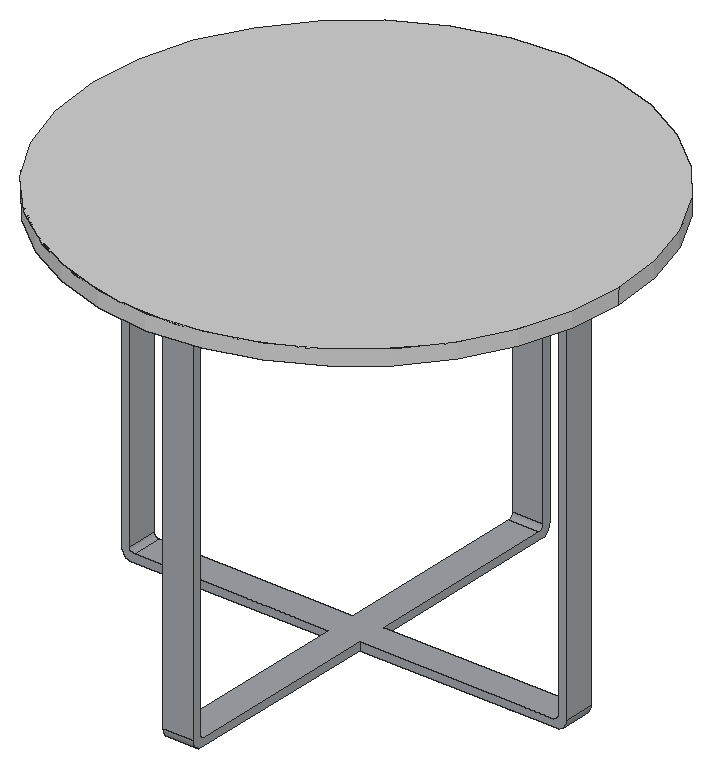
Revit family
Parameters
  URL = "http://www.martinbrattrud.com"
  Table [instance] = none
  SCS Certified Product = "Yes"
  Model = "Serif 531-26CHC"
  Manufacturer = "Martin Brattrud, Inc."
  Legs [instance] = none
  Keynote = "125000"
  Copyright = "© 2013 Martin Brattrud, Inc."
  Authoring Version = "Revit Architecture 2010"
  Assembly Code = "E2020200"
Reference planes (in)
  plane 1 "Center Front/Back": y = 0
  plane 2: z = 0
  plane 3 "Center Left/Right": x = 0
  plane 4: y = 13
  plane 5: y = 11
  plane 6: y = -11
  plane 7: x = -13
  plane 8: x = 13
  plane 9: x = -11
  plane 10: x = 11
  plane 11: y = 8
  plane 12: y = 6.5
  plane 13: y = -11
  plane 14: y = -8
  plane 15: y = -6.5
  plane 16: x = -8
  plane 17: x = -6.5
  plane 18: x = 11
  plane 19: x = 8
  plane 20: x = 6.5
Forms (in)
  Extrusion 1, solid, material <- "Legs"
    sketch origin (0, 0, 0) x (0, 1, 0) y (0, 0, 1)
      loop
        arc (11, 18.935) -> (10.85355, 19.28855) -> (10.5, 19.435) r 0.5
        line (10.5, 19.435) -> (-10.5, 19.435)
        arc (-10.5, 19.435) -> (-10.85355, 19.28855) -> (-11, 18.935) r 0.5
        line (-11, 18.935) -> (-11, 0.6875)
        arc (-11, 0.6875) -> (-10.85355, 0.33395) -> (-10.5, 0.1875) r 0.5
        line (-10.5, 0.1875) -> (10.5, 0.1875)
        arc (10.5, 0.1875) -> (10.85355, 0.33395) -> (11, 0.6875) r 0.5
        line (11, 0.6875) -> (11, 18.935)
      loop
        arc (10.625, 18.81) -> (10.55178, 18.98678) -> (10.375, 19.06) r 0.25
        line (10.375, 19.06) -> (-10.375, 19.06)
        arc (-10.375, 19.06) -> (-10.55178, 18.98678) -> (-10.625, 18.81) r 0.25
        line (-10.625, 18.81) -> (-10.625, 0.8125)
        arc (-10.625, 0.8125) -> (-10.55178, 0.63572) -> (-10.375, 0.5625) r 0.25
        line (-10.375, 0.5625) -> (10.375, 0.5625)
        arc (10.375, 0.5625) -> (10.55178, 0.63572) -> (10.625, 0.8125) r 0.25
        line (10.625, 0.8125) -> (10.625, 18.81)
    from -0.75 to 0.75
  Revolve 2, solid
    sketch origin (0, -1.5625, 0) x (0, 1, 0) y (0, 0, 1)
      loop
        line (-6.4375, 0) -> (-6.4375, 0.1875) -> (-7, 0.1875) -> (-7, 0.125)
        arc (-7, 0.125) -> (-6.96339, 0.03661) -> (-6.875, 0) r 0.125
        line (-6.875, 0) -> (-6.4375, 0)
      axis (-6.4375, 0) -> (-6.4375, 0.1875)
    angle from 0 to 360
  Revolve 3, solid
    sketch origin (0, 6.4375, 0) x (0, 1, 0) y (0, 0, 1)
      loop
        line (-6.4375, 0) -> (-6.4375, 0.1875) -> (-7, 0.1875) -> (-7, 0.125)
        arc (-7, 0.125) -> (-6.96339, 0.03661) -> (-6.875, 0) r 0.125
        line (-6.875, 0) -> (-6.4375, 0)
      axis (-6.4375, 0) -> (-6.4375, 0.1875)
    angle from 0 to 360
  Revolve 4, solid
    sketch origin (0, 14.4375, 0) x (0, 1, 0) y (0, 0, 1)
      loop
        line (-6.4375, 0) -> (-6.4375, 0.1875) -> (-7, 0.1875) -> (-7, 0.125)
        arc (-7, 0.125) -> (-6.96339, 0.03661) -> (-6.875, 0) r 0.125
        line (-6.875, 0) -> (-6.4375, 0)
      axis (-6.4375, 0) -> (-6.4375, 0.1875)
    angle from 0 to 360
  Extrusion 5, solid, material <- "Legs"
    sketch origin (0, 0, 0) x (-1, 0, 0) y (0, 0, 1)
      loop
        arc (11, 18.935) -> (10.85355, 19.28855) -> (10.5, 19.435) r 0.5
        line (10.5, 19.435) -> (-10.5, 19.435)
        arc (-10.5, 19.435) -> (-10.85355, 19.28855) -> (-11, 18.935) r 0.5
        line (-11, 18.935) -> (-11, 0.6875)
        arc (-11, 0.6875) -> (-10.85355, 0.33395) -> (-10.5, 0.1875) r 0.5
        line (-10.5, 0.1875) -> (10.5, 0.1875)
        arc (10.5, 0.1875) -> (10.85355, 0.33395) -> (11, 0.6875) r 0.5
        line (11, 0.6875) -> (11, 18.935)
      loop
        arc (10.625, 18.81) -> (10.55178, 18.98678) -> (10.375, 19.06) r 0.25
        line (10.375, 19.06) -> (-10.375, 19.06)
        arc (-10.375, 19.06) -> (-10.55178, 18.98678) -> (-10.625, 18.81) r 0.25
        line (-10.625, 18.81) -> (-10.625, 0.8125)
        arc (-10.625, 0.8125) -> (-10.55178, 0.63572) -> (-10.375, 0.5625) r 0.25
        line (-10.375, 0.5625) -> (10.375, 0.5625)
        arc (10.375, 0.5625) -> (10.55178, 0.63572) -> (10.625, 0.8125) r 0.25
        line (10.625, 0.8125) -> (10.625, 18.81)
    from -0.75 to 0.75
  Revolve 6, solid
    sketch origin (1.5625, 0, 0) x (-1, 0, 0) y (0, 0, 1)
      loop
        line (-6.4375, 0) -> (-6.4375, 0.1875) -> (-7, 0.1875) -> (-7, 0.125)
        arc (-7, 0.125) -> (-6.96339, 0.03661) -> (-6.875, 0) r 0.125
        line (-6.875, 0) -> (-6.4375, 0)
      axis (-6.4375, 0) -> (-6.4375, 0.1875)
    angle from 0 to 360
  Revolve 7, solid
    sketch origin (-14.4375, 0, 0) x (-1, 0, 0) y (0, 0, 1)
      loop
        line (-6.4375, 0) -> (-6.4375, 0.1875) -> (-7, 0.1875) -> (-7, 0.125)
        arc (-7, 0.125) -> (-6.96339, 0.03661) -> (-6.875, 0) r 0.125
        line (-6.875, 0) -> (-6.4375, 0)
      axis (-6.4375, 0) -> (-6.4375, 0.1875)
    angle from 0 to 360
  Extrusion 8, solid, material <- "Table"
    sketch origin (0, 0, 0) x (1, 0, 0) y (0, 1, 0)
      loop
        circle (0, 0) r 13
    from 19.4975 to 20.2475
Cuts and joins
  joined: Extrusion 1, Extrusion 5
